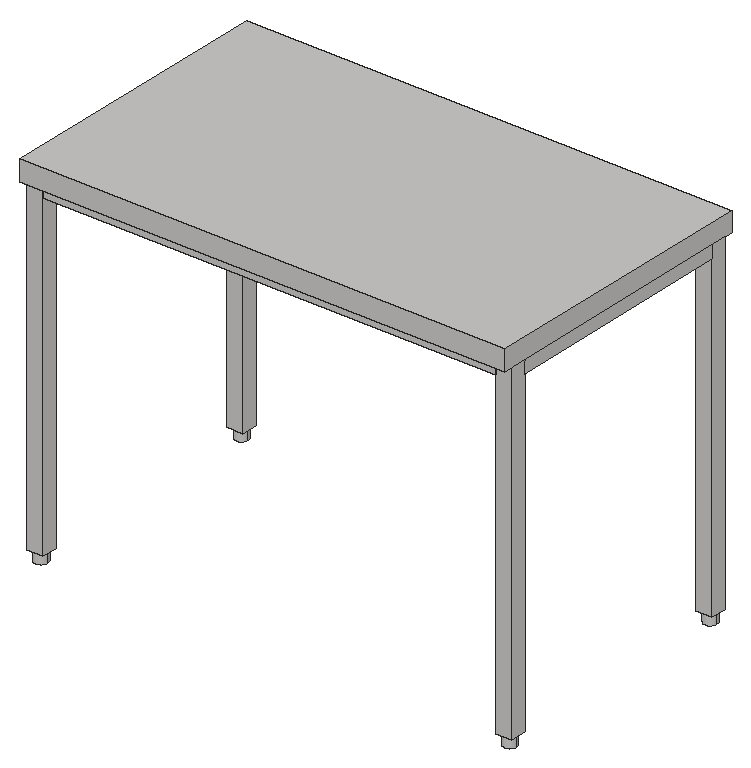
Revit family "QF_ELECTROLUXPROFESSIONAL_134002_GTG1200E", category Attrezzature speciali, Revit 2020
Family settings
  Quota connettore circolare = Usa diametro
  Tipo di parte = Normale
  Basato su piano di lavoro = No
  Sempre verticale = Sì
  Taglio con vuoti quando caricato = No
  Condiviso = No
  Punto di calcolo locali = No
Parameters (values of type "Standard")
  Weight = 36.00 kg
  Watts = 0 W
  Volts = 0 V
  URL Manufacturer = "https://www.electroluxprofessional.com/"
  URL = "https://www.electroluxprofessional.com/"
  Steam Supply Size = 0 mm
  Steam Supply Minimum Pressure = 0.0 Pa
  Steam Supply Maximum Pressure = 0.0 Pa
  Steam Consumption per Hour = 0
  Refrigeration Suction Line Size = 0.0 mm
  Refrigeration Liquid Line Size = 0.0 mm
  Refrigerant Compressor Remote = yes
  Prospetto di default = 0.0 mm
  Produttore = "Electrolux Professional"
  Phase = 0
  Modello = "GTG1200E"
  Length Actual = 1200.0 mm  # constant formula
  Item Number = "134002"
  Hot Water Size = 0 mm
  Height Actual = 900.0 mm  # constant formula
  HP = "0 HP"
  Gas Size = 0 mm
  Gas KW = 0
  Gas Input Pressure = 0 W
  Direct Waste Size = 0 mm
  Descrizione = "WORK TABLE 1200 MM"
  Depth Actual = 700.0 mm  # constant formula
  Cycle = 0 Hz
  Condensate Return Size = 0 mm
  Compressed Air Volume = 0.0 L/s
  Compressed Air Size = 0 mm
  Compressed Air Pressure = 0.0 Pa
  Cold Water Size = 0 mm
  Accessory = yes
Reference planes
  plane 1 "Center (Front/Back)": y = 0
  plane 2: z = 0
  plane 3 "Center (Left/Right)": x = -100
  plane 4 "LEFT": x = -700
  plane 5 "RIGHT": x = 500
  plane 6 "BACK": y = 350
  plane 7 "FRONT": y = -350
  plane 8 "Base": z = 850
  plane 9 "TOP": z = 900
  plane 10: x = -680
  plane 11: x = 480
  plane 12: y = 310
  plane 13: y = -310
  plane 14 "TRAVERSI": z = 820
  plane 15: x = -660
  plane 16: x = 460
  plane 17: y = 290
  plane 18: y = -290
  plane 19: y = 330
  plane 20: y = -330
Forms (mm)
  Extrusion 1, solid, material "QF_Finishes_Stainless Steel"
    sketch origin (-100, 0, 0) x (0, 1, 0) y (0, 0, 1)
      loop
        line (-350, 850) -> (350, 850) -> (350, 900) -> (-350, 900) -> (-350, 850)
    from 600 to -600
  Extrusion 2, solid, material "QF_Finishes_Stainless Steel"
    sketch origin (0, 0, 820) x (0, 1, 0) y (-1, 0, 0)
      loop
        line (290, -460) -> (-290, -460) -> (-290, -500) -> (290, -500) -> (290, -460)
      loop
        line (290, 700) -> (-290, 700) -> (-290, 660) -> (290, 660) -> (290, 700)
    from 0 to 30
  Extrusion 3, solid, material "QF_Finishes_Stainless Steel"
    sketch origin (0, 0, 820) x (0, 1, 0) y (-1, 0, 0)
      loop
        line (330, -460) -> (330, 660) -> (290, 660) -> (290, -460) -> (330, -460)
      loop
        line (-290, 660) -> (-330, 660) -> (-330, -460) -> (-290, -460) -> (-290, 660)
    from 0 to 30
Lines and regions (mm)
  symbolic lines
    curve 1: line (500, 350, 900) -> (-700, 350, 900)
    curve 2: line (-700, 350, 900) -> (-700, -350, 900)
    curve 3: line (-700, -350, 900) -> (500, -350, 900)
    curve 4: line (500, -350, 900) -> (500, 350, 900)
Dimensions and locks
  plane 4 "LEFT" to plane 5 "RIGHT" = 1200.0 mm
  equal spacing: plane 4 "LEFT", plane 3 "Center (Left/Right)", plane 5 "RIGHT"
  locked: plane 8 "Base" to level at 850
  plane 4 "LEFT" to plane 10 = 20.0 mm
  plane 11 to plane 5 "RIGHT" = 20.0 mm
  plane 10 to plane 11 = 1160.0 mm
  locked: plane 9 "TOP" to level at 900
  plane 6 "BACK" to plane 12 = 40.0 mm
  plane 13 to plane 7 "FRONT" = 40.0 mm
  plane 6 "BACK" to plane 7 "FRONT" = 700.0 mm
  plane 12 to plane 13 = 620.0 mm
  equal spacing: plane 6 "BACK", plane 1 "Center (Front/Back)", plane 7 "FRONT"
  plane 8 "Base" to plane 14 "TRAVERSI" = 30.0 mm
  locked: plane 10 to plane 15 at 20
  locked: plane 16 to plane 11 at 20
  locked: plane 19 to plane 12 at 20
  locked: plane 12 to plane 17 at 20
  locked: plane 18 to plane 13 at 20
  locked: plane 13 to plane 20 at 20
  aligned and locked: level to plane 2
  aligned and locked: plane 10 to nested 1
  aligned and locked: nested 1 to plane 13
  aligned and locked: plane 11 to nested 2
  aligned and locked: nested 2 to plane 13
  aligned and locked: plane 11 to nested 4
  aligned and locked: nested 4 to plane 12
  aligned and locked: plane 10 to nested 3
  aligned and locked: nested 3 to plane 12
  aligned and locked: Extrusion 1 to plane 4 "LEFT"
  aligned and locked: plane 5 "RIGHT" to Extrusion 1
  aligned and locked: curve 2 to plane 4 "LEFT"
  aligned and locked: Extrusion 2 sketch curve to plane 5 "RIGHT"
  aligned and locked: Extrusion 2 sketch curve to plane 17  (x2)
  aligned and locked: plane 16 to Extrusion 2 sketch curve
  aligned and locked: plane 18 to Extrusion 2 sketch curve  (x2)
  aligned and locked: plane 4 "LEFT" to Extrusion 2 sketch curve
  aligned and locked: Extrusion 2 sketch curve to plane 15
  aligned and locked: plane 19 to Extrusion 3 sketch curve
  aligned and locked: Extrusion 3 sketch curve to plane 17
  aligned and locked: Extrusion 3 sketch curve to plane 18
  aligned and locked: plane 20 to Extrusion 3 sketch curve
  aligned and locked: Extrusion 3 sketch curve to plane 15
  aligned and locked: plane 15 to Extrusion 3 sketch curve
  aligned and locked: plane 16 to Extrusion 3 sketch curve
  aligned and locked: Extrusion 3 sketch curve to plane 16
Automatic sketch dimensions
  Extrusion 1 sketch curve to plane 7 "FRONT" = 0.0 mm
  Extrusion 1 sketch curve to plane 8 "Base" = 0.0 mm
  curve 3 to plane 7 "FRONT" = 0.0 mm
  curve 4 to plane 6 "BACK" = 0.0 mm
  Extrusion 1 sketch curve to plane 9 "TOP" = 0.0 mm
  Extrusion 1 sketch curve to plane 6 "BACK" = 0.0 mm
  curve 4 to plane 5 "RIGHT" = 0.0 mm
Nested families
  nested 1: "FEET_40x40_R" at (-680, -310, 0), type "FEET_40x40_R"
  nested 2: "FEET_40x40_R" at (480, -310, 0), type "FEET_40x40_R"
  nested 3: "FEET_40x40_R" at (-680, 310, 0), type "FEET_40x40_R"
  nested 4: "FEET_40x40_R" at (480, 310, 0), type "FEET_40x40_R"
Definition of nested family "FEET_40x40_R"
  Parameters
    Default Elevation = 0.0 mm
    FEET = 850.0 mm
  Reference planes
    plane 1 "Center (Front/Back)": y = 0
    plane 2: z = 0
    plane 3 "Center (Left/Right)": x = 0
    plane 4: z = 850
  Forms (mm)
    Extrusion 1, solid
      sketch origin (0, 0, 0) x (1, 0, 0) y (0, 1, 0)
        loop
          line (-20, -20) -> (20, -20) -> (20, 20) -> (-20, 20) -> (-20, -20)
      from 25 to 850
    Extrusion 2, solid
      sketch origin (0, 0, 0) x (1, 0, 0) y (0, 1, 0)
        loop
          circle (0, 0) r 16
      from 0 to 25
  Lines and regions (mm)
    symbolic lines
      curve 1: line (0, -1.503, 0) -> (0, 1.508, 0)
      curve 2: line (1.561, 0, 0) -> (-1.439, 0, 0)
  Dimensions and locks
    "FEET": plane 4 to plane 2
    aligned and locked: level to plane 2
  Automatic sketch dimensions
    Extrusion 1 sketch curve to plane 3 "Center (Left/Right)" = 20.0 mm
    plane 3 "Center (Left/Right)" to Extrusion 1 sketch curve = 20.0 mm
    plane 1 "Center (Front/Back)" to Extrusion 1 sketch curve = 20.0 mm
    Extrusion 1 sketch curve to plane 1 "Center (Front/Back)" = 20.0 mm
    plane 1 "Center (Front/Back)" to Extrusion 2 sketch curve = 0.0 mm
    Extrusion 2 sketch curve to plane 3 "Center (Left/Right)" = 0.0 mm
    plane 1 "Center (Front/Back)" to curve 2 = 0.0 mm
    curve 1 to plane 3 "Center (Left/Right)" = 0.0 mm
    curve 2 to plane 3 "Center (Left/Right)" = 1.439 mm
    plane 3 "Center (Left/Right)" to curve 2 = 1.561 mm
    plane 1 "Center (Front/Back)" to curve 1 = 1.503 mm
    curve 1 to plane 1 "Center (Front/Back)" = 1.508 mm
    radius of Extrusion 2 sketch curve = 16.0 mm
